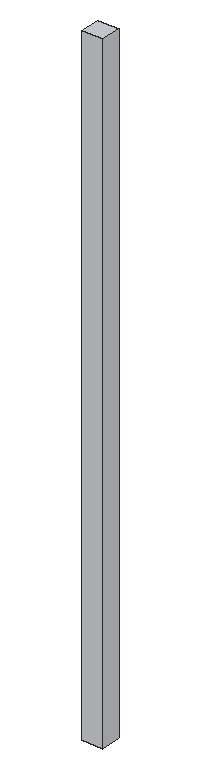
Revit family "M_Post - Square", category Balusters, Revit 2025
Family settings
  OmniClass Number = 23.30.80.11.11.14
  OmniClass Title = Posts, Newel Posts, Pickets
  Always vertical = Yes
  Cut with Voids When Loaded = No
  Shared = No
Parameters (values of type "30mm")
  built-in parameter 1008623 [instance] = (empty or 0)
  built-in parameter 1008625 [instance] = (empty or 0)
  Post Material = none
  Width = 30 mm
  Post = yes
  built-in parameter 1008624 [instance] = (empty or 0)
  built-in parameter 1008622 [instance] = 915 mm
Reference planes
  plane 1 "Center (Front/Back)": y = 0
  plane 2: z = 0
  plane 3 "Center (Left/Right)": x = 0
  plane 4 "Top": z = 915
Forms (mm)
  Extrusion 1, solid, material <- "Post Material"
    sketch origin (0, 0, 0) x (1, 0, 0) y (0, 1, 0)
      loop
        line (-15, 15) -> (-15, -15) -> (15, -15) -> (15, 15) -> (-15, 15)
    from 0 to 915
Dimensions and locks
  "built-in parameter 1008622": plane 2 to plane 4 "Top"
  equal spacing: Extrusion 1 sketch curve, plane 3 "Center (Left/Right)", Extrusion 1 sketch curve
  equal spacing: Extrusion 1 sketch curve, plane 1 "Center (Front/Back)", Extrusion 1 sketch curve
  "Width": Extrusion 1 sketch curve to Extrusion 1 sketch curve  (x2)
  aligned and locked: Extrusion 1 to level
  aligned and locked: Extrusion 1 to plane 4 "Top"
